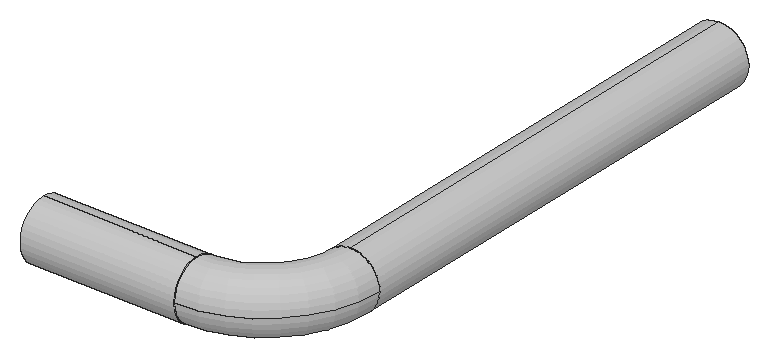
Revit family "PF_Отвод  [Фитинг из нержавеющей стали - отвод 90° VTi.960.I] - VALTEC ", category Соединительные детали трубопроводов, Revit 2018
Family settings
  Размер круглого соединителя = Использовать диаметр
  Тип детали = Отвод
  На основе рабочей плоскости = Нет
  Всегда вертикально = Да
  При загрузке вырезать с полостями = Нет
  Общий = Нет
Parameters (values of type "VTi.960")
  угол [instance] = if(Отзеркалить, 90.00°, 0.00°)  # 0.00°
  Таблица = "PF_Отвод  [Фитинг из нержавеющей стали - отвод 90° VTi.960.I] - VALTEC - Таблица 1"  # constant formula
  Отзеркалить [instance] = no
  Начало выдаливание 2 [instance] = -15 mm  # constant formula
  Начало выдаливание 1 [instance] = 5 mm  # constant formula
  Направление потока [instance] = A : A
  Назеркалить [instance] = not(Отзеркалить)  # yes
  Конец выдаливание 2 [instance] = if(L2 подрезать = 0 mm, L2 - (25 mm - Начало выдаливание 2), L2 подрезать - (25 mm - Начало выдаливание 2))  # 120 mm
  Конец выдаливание 1 [instance] = [1l] - (25 mm - Начало выдаливание 1)  # 50 mm
  КМС [instance] = if([1l] = 70 mm, 2.04, if([1l] = 100 mm, 5.2, 0))  # 2.04
  Изготовитель = "VALTEC"  # constant formula
  k [instance] = 15 mm
  ADSK_Расход жидкости [instance] = 0.0 L/s
  2 [instance] = 100 : 100
  1l [instance] = if(L1 = [1], 70 mm, if(L1 = [2], 100 mm, 0 mm))  # 70 mm
  1 [instance] = 70 : 70
  l1 [instance] = if(Назеркалить, [1l], if(and(Отзеркалить, [1l] = 70 mm, L2 подрезать = 0 mm, L2 подрезать < 161 mm), L2, if(and(Отзеркалить, [1l] = 100 mm, L2 подрезать = 0 mm, L2 подрезать < 601 mm), L2, if(and(Отзеркалить, [1l] = 70 mm, L2 подрезать > 0 mm, L2 подрезать < 161 mm), L2 подрезать, if(and(Отзеркалить, [1l] = 100 mm, L2 подрезать > 0 mm, L2 подрезать < 601 mm), L2 подрезать, 0 mm)))))  # 70 mm
  dн [instance] = size_lookup(Таблица, "dн", 0 mm, k)  # 17 mm
  L1 [instance] = 70 : 70
  L2 подрезать [instance] = 0 mm
  ADSK_Размер_УголПоворота [instance] = 90.00°  # constant formula
  d [instance] = size_lookup(Таблица, "d", 0 mm, k)  # 15 mm
  URL = "https://valtec.ru/"
  L2 [instance] = if(L1 = [1], 160 mm, if(L1 = [2], 600 mm, 0 mm))  # 160 mm
  ADSK_Примечание [instance] = ""
  ADSK_Позиция [instance] = ""
  ADSK_Обозначение [instance] = "VTi.960"  # constant formula
  ADSK_Наименование [instance] = if(L1 = [1], "Фитинг из нержавеющей стали - отвод 90° 15 х 70 х 160 мм", if(L1 = [2], "Фитинг из нержавеющей стали - отвод 90° 15 х 100 х 600 мм", "Данный типоразмер отсутствует"))  # "Фитинг из нержавеющей стали - отвод 90° 15 х 70 х 160 мм"
  ADSK_Материал = Сталь, нержавеющая - VALTEC
  ADSK_Масса [instance] = if(L1 = [1], 0.075, if(L1 = [2], 0.232, 0))  # 0.075
  ADSK_Марка [instance] = if(L1 = [1], "VTi.960.I.150760", if(L1 = [2], "VTi.960.I.151060", "Данный типоразмер отсутствует"))  # "VTi.960.I.150760"
  ADSK_Код изделия [instance] = if(L1 = [1], "VTi.960.I.150760", if(L1 = [2], "VTi.960.I.151060", "Данный типоразмер отсутствует"))  # "VTi.960.I.150760"
  ADSK_Завод-изготовитель [instance] = Изготовитель  # "VALTEC"
  ADSK_Единица измерения [instance] = "шт."  # constant formula
  ADSK_URL страницы изделия = "https://valtec.ru/catalog/sistemy_truboprovodov_iz_nerzhavejushhej_stali/fitingi_iz_nerzhavejushhej_stali/fiting_iz_nerjaveyushej_stali_otvod_90_vti960i.html"
  ADSK_URL документации изделия = "https://valtec.ru/document/technical/VT.INOX-PRESS-0117.pdf"
  l2 [instance] = if(Отзеркалить, [1l], if(and(Назеркалить, [1l] = 70 mm, L2 подрезать = 0 mm, L2 подрезать < 161 mm), L2, if(and(Назеркалить, [1l] = 100 mm, L2 подрезать = 0 mm, L2 подрезать < 601 mm), L2, if(and(Назеркалить, [1l] = 70 mm, L2 подрезать > 0 mm, L2 подрезать < 161 mm), L2 подрезать, if(and(Назеркалить, [1l] = 100 mm, L2 подрезать > 0 mm, L2 подрезать < 601 mm), L2 подрезать, 0 mm)))))  # 160 mm
Reference planes
  plane 1 "По центру (Вперед/Назад)": y = 0
  plane 2: z = 0
  plane 3 "По центру (Влево/Вправо)": x = 0
  plane 4: y = 160
  plane 5: x = -70
  plane 6 "21": y = 0
  plane 7: x = -25
  plane 8: y = 25
Forms (mm)
  Extrusion 1, solid, material "Сталь, нержавеющая - VALTEC" <- "ADSK_Материал", detail levels fine
    sketch origin (0, 40, 0) x (0, 0, 1) y (1, 0, 0)
      loop
        circle (0, 0) r 8.5
    from -15 <- "Начало выдаливание 2" to 120 <- "Конец выдаливание 2"
  Extrusion 2, solid, material "Сталь, нержавеющая - VALTEC" <- "ADSK_Материал", detail levels fine
    sketch origin (-20, 0, 0) x (0, 0, 1) y (0, 1, 0)
      loop
        circle (0, 0) r 8.5
    from 5 <- "Начало выдаливание 1" to 50 <- "Конец выдаливание 1"
  Sweep 3, solid, material "Сталь, нержавеющая - VALTEC" <- "ADSK_Материал", detail levels fine
    path origin (0, 0, 0) x (1, 0, 0) y (0, 1, 0)
      loop
        arc (-25, 0) -> (-7.322, 7.322) -> (0, 25) r 25
    profile origin (-25, 0, 0) x (0, 1, 0) y (0, 0, 1)
      loop
        circle (0, 0) r 8.5
Lines and regions (mm)
  reference lines
    curve 1: line (-70, 0, 0) -> (0, 0, 0)
    curve 2: line (0, 160, 0) -> (0, 0, 0)
    curve 3: line (0, 0, 0) -> (-20, 0, 0)
    curve 4: line (0, 0, 0) -> (0, 40, 0)
  model lines, detail levels coarse+medium
    curve 5: line (0, 160, 0) -> (0, 0, 0)
    curve 6: line (-70, 0, 0) -> (0, 0, 0)
Dimensions and locks
  "l1": plane 5 to plane 3 "По центру (Влево/Вправо)"
  "l2": plane 1 "По центру (Вперед/Назад)" to plane 4
  locked: curve 3 to curve 3 at 20
  locked: curve 4 to curve 4 at 40
  locked: plane 1 "По центру (Вперед/Назад)" to plane 8 at 25
  locked: plane 7 to plane 3 "По центру (Влево/Вправо)" at 25
  "dн": diameter of Extrusion 1 sketch curve
  "dн": diameter of Extrusion 2 sketch curve
  "dн": diameter of Sweep 3 sketch curve
  "угол": angle curve 3 to plane 1 "По центру (Вперед/Назад)"
  "угол": angle plane 3 "По центру (Влево/Вправо)" to curve 4
  "угол": angle plane 1 "По центру (Вперед/Назад)" to plane 6 "21"
  aligned and locked: level to plane 2
  aligned and locked: plane 3 "По центру (Влево/Вправо)" to curve 1
  aligned and locked: plane 5 to curve 1
  aligned and locked: plane 1 "По центру (Вперед/Назад)" to curve 1
  aligned and locked: plane 4 to curve 2
  aligned and locked: curve 2 to plane 3 "По центру (Влево/Вправо)"
  aligned and locked: plane 1 "По центру (Вперед/Назад)" to curve 3
  aligned and locked: plane 1 "По центру (Вперед/Назад)" to curve 5
  aligned and locked: plane 4 to curve 5
  aligned and locked: plane 3 "По центру (Влево/Вправо)" to curve 6
  aligned and locked: plane 5 to curve 6
  aligned and locked: curve 5 to plane 3 "По центру (Влево/Вправо)"
  aligned and locked: plane 1 "По центру (Вперед/Назад)" to curve 6
  aligned and locked: plane 8 to Sweep 3 sketch curve  (x2)
  aligned and locked: plane 7 to Sweep 3 sketch curve  (x2)
  aligned and locked: profile plane to Sweep 3 sketch curve  (x2)
Automatic sketch dimensions
  level to Extrusion 1 sketch curve = 0 mm
  level to Extrusion 2 sketch curve = 0 mm
  plane 1 "По центру (Вперед/Назад)" to Sweep 3 sketch curve = 0 mm
Nested families
  nested 1: "70" at (-526.638, 118.612, 0), type "70"
Connectors
  piping at (-70, 0, 0), diameter 15, driven by "k", driven by "ADSK_Размер_УголПоворота", driven by "КМС", driven by "ADSK_Расход жидкости"
    settings: on curve 1, index 1, connector inside diameter 609.6 mm, connector length 0 mm, flow factor 0, pipe flow 0.0 L/s, pressure drop 0.0 Pa, fitting loss kfactor 2.04, connector angle 90.00°, fixture units 0, engagement length 0 mm, angle of deflection 0.00°, flow configuration 0, flow direction 0, fitting loss method 2, system type 29, joint type 0, gender type 0, connector reference index 2, connector utility 0, adjustable connector yes, is connector primary yes, connector description ""
  piping at (0, 160, 0), diameter 15, driven by "k", driven by "ADSK_Размер_УголПоворота"
    settings: on curve 2, index 2, connector inside diameter 609.6 mm, connector length 0 mm, flow factor 0, pipe flow 0.0 L/s, pressure drop 0.0 Pa, fitting loss kfactor 0, connector angle 90.00°, fixture units 0, engagement length 0 mm, angle of deflection 0.00°, flow configuration 0, flow direction 0, fitting loss method 0, system type 28, joint type 0, gender type 0, connector reference index 1, connector utility 0, adjustable connector no, is connector primary no, connector description ""
Definition of nested family "70"
  Parameters (values of type "1")
    Height = 0 mm
  Reference planes
    plane 1 "По центру (Вперед/Назад)": y = 0
    plane 2: z = 0
    plane 3 "По центру (Влево/Вправо)": x = 0
    plane 4: z = 11.4
    plane 5: z = -11.4
  Dimensions and locks
    equal spacing: plane 4, plane 2, plane 5
    locked: plane 5 to plane 4 at 22.8
    aligned and locked: level to plane 2
